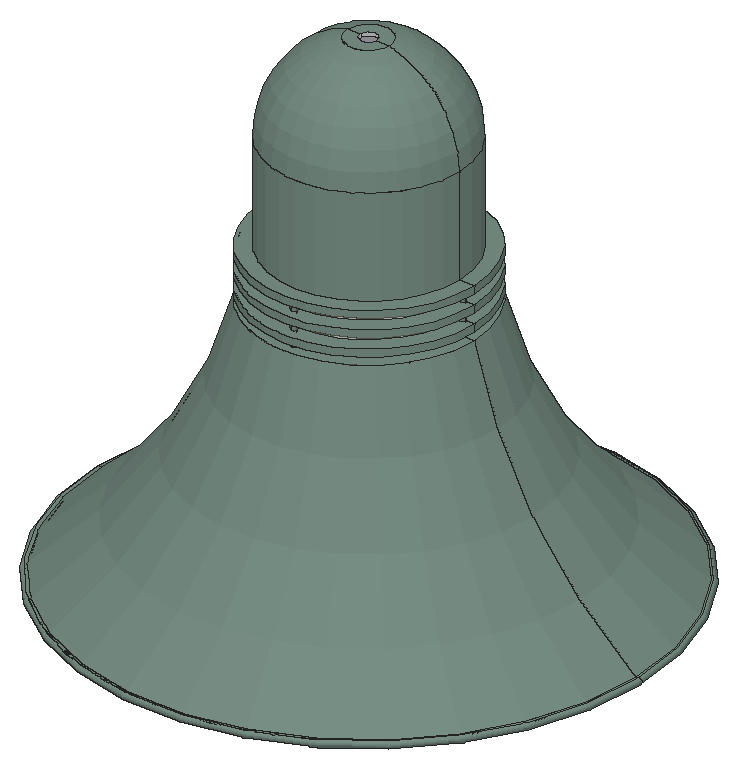
Revit family "DCR18 SHADE", category Lighting Fixtures, Revit 2024
Family settings
  Round Connector Dimension = Use Diameter
  Part Type = Normal
  OmniClass Number = 23.80.70.00
  OmniClass Title = Lighting
  Work Plane-Based = No
  Always vertical = Yes
  Cut with Voids When Loaded = No
  Light Source = Yes
  Maintain Annotation Orientation = No
  Shared = No
  Room Calculation Point = No
Parameters
  Wattage = 12.1178 W
  built-in parameter 1150110 = 1 (stored number, unit not read)
  built-in parameter 1114217 = 1 (stored number, unit not read)
  built-in parameter 1150109 = 1 (stored number, unit not read)
  built-in parameter 1150134 = (empty or 0)
  built-in parameter 1150113 = 1 (stored number, unit not read)
  Lumens = 1800 lm
  built-in parameter 1150115 = 1 (stored number, unit not read)
  built-in parameter 1150105 = 572.96 (stored number, unit not read)
  Light Source Symbol Size = 2' - 0"
  built-in parameter 1150137 = (empty or 0)
  built-in parameter 1150139 = (empty or 0)
  built-in parameter 1150112 = 1 (stored number, unit not read)
  built-in parameter 1150114 = 1 (stored number, unit not read)
  built-in parameter 1150132 = 2
  built-in parameter 1150102 = (empty or 0)
  built-in parameter 1150138 = (empty or 0)
  built-in parameter 1150107 = 3000 (stored number, unit not read)
  built-in parameter 1150106 = 5.7296 (stored number, unit not read)
  built-in parameter 1150104 = 13.8 (stored number, unit not read)
  Dimming Lamp Color Temperature Shift = (empty or 0)
  Default Elevation = 0' - 0"
  Color Filter = 16777215
  built-in parameter 1114218 = 1 (stored number, unit not read)
  built-in parameter 1150133 = 10 (stored number, unit not read)
Reference planes (in)
  plane 1 "Light Source Axis (F/B)": y = 0
  plane 2: z = 0
  plane 3 "Light Source Axis (L/R)": x = 0
  plane 4 "Light Source Elevation": z = 84
Forms (in)
  Revolve 1, solid
    sketch origin (0, 0, 0) x (1, 0, 0) y (0, 0, 1)
      loop
        line (-0.27387, 100) -> (-0.6925, 100)
        arc (-0.6925, 100) -> (-2.35317, 98.94159) -> (-2.9996, 97.08143) r 2.9996
        line (-2.9996, 97.08143) -> (-2.9996, 93.8936) -> (-3.4996, 93.8936) -> (-3.4996, 93.66116) -> (-3.40585, 93.66116) -> (-3.40585, 93.79985) -> (-2.90585, 93.79985) -> (-2.90585, 97.08143)
        arc (-2.90585, 97.08143) -> (-2.283, 98.87918) -> (-0.68144, 99.90625) r 2.90585
        line (-0.68144, 99.90625) -> (-0.27387, 99.90625) -> (-0.27387, 100)
      loop
        line (-2.9996, 93.32541) -> (-3.4996, 93.32541) -> (-3.4996, 93.09297) -> (-3.40585, 93.09297) -> (-3.40585, 93.23166) -> (-2.9996, 93.23166) -> (-2.9996, 93.32541)
      loop
        line (-2.9996, 92.75722) -> (-3.4996, 92.75722) -> (-3.4996, 92.52478) -> (-3.40585, 92.52478) -> (-3.40585, 92.66347) -> (-2.9996, 92.66347) -> (-2.9996, 92.75722)
      loop
        line (-2.9996, 92.27165) -> (-3.4996, 92.27165)
        arc (-3.4996, 92.27165) -> (-5.42402, 87.74927) -> (-8.82371, 84.2) r 13.66787
        line (-8.82371, 84.2) -> (-8.9, 84.2)
        arc (-8.9, 84.2) -> (-8.97018, 84.02876) -> (-8.80001, 84.10151) r 0.1
        arc (-8.80001, 84.10151) -> (-5.37712, 87.65033) -> (-3.42483, 92.1779) r 13.76162
        line (-3.42483, 92.1779) -> (-2.9996, 92.1779) -> (-2.9996, 92.27165)
      loop
        line (-2, 93.66116) -> (-2, 86.08103)
        arc (-2, 86.08103) -> (-1.41421, 84.66682) -> (0, 84.08103) r 2
        line (0, 84.08103) -> (0, 84.17478)
        arc (0, 84.17478) -> (-1.34792, 84.73311) -> (-1.90625, 86.08103) r 1.90625
        line (-1.90625, 86.08103) -> (-1.90625, 93.66116) -> (-2, 93.66116)
      axis (0, 100) -> (0, 84.08103)
    angle from 0 to 360
  Sweep 2, solid
    path origin (0, 0, 0) x (1, 0, 0) y (0, 0, 1)
      loop
        line (-3.09389, 92.27165) -> (-3.09389, 93.79985)
    profile origin (-3.09389, 0, 93.03575) x (-1, 0, 0) y (0, -1, 0)
      loop
        circle (0, 0) r 0.09375
  Sweep 3, solid
    path origin (0, 0, 0) x (0, -1, 0) y (0, 0, 1)
      loop
        line (-3.09389, 92.27165) -> (-3.09389, 93.79985)
    profile origin (0, 3.09389, 93.03575) x (0, 1, 0) y (-1, 0, 0)
      loop
        circle (0, 0) r 0.09375
  Sweep 4, solid
    path origin (0, 0, 0) x (0, 1, 0) y (0, 0, 1)
      loop
        line (-3.09389, 92.27165) -> (-3.09389, 93.79985)
    profile origin (0, -3.09389, 93.03575) x (0, -1, 0) y (1, 0, 0)
      loop
        circle (0, 0) r 0.09375
  Sweep 5, solid
    path origin (0, 0, 0) x (-1, 0, 0) y (0, 0, 1)
      loop
        line (-3.09389, 92.27165) -> (-3.09389, 93.79985)
    profile origin (3.09389, 0, 93.03575) x (1, 0, 0) y (0, 1, 0)
      loop
        circle (0, 0) r 0.09375
Dimensions and locks (in)
  aligned and locked: plane 3 "Light Source Axis (L/R)" to imposter light
  aligned and locked: plane 1 "Light Source Axis (F/B)" to imposter light
  aligned and locked: plane 4 "Light Source Elevation" to imposter light
  aligned and locked: level to plane 2
